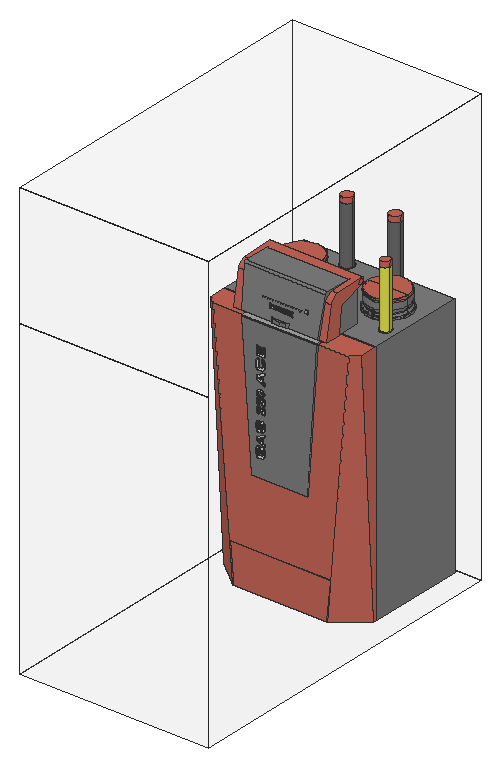
Revit family "Gas Ace 220_250_LOD-5", category Mechanical Equipment, Revit 2015
Parameters (values of type "250")
  Weekly = "0"
  Water Treatment Required = yes
  Water Content = 33.0 L
  Warranty ID = ""
  Voltage = 230 V
  Uniclass2015 = "Pr_60_60_08"
  URL = ""
  Type = "Space heating"
  Turndown Ratio = "4.8:1"
  Supply Phase = 1
  Starting Current = 0 A
  Sound Pressure Level = "63.8 dBA"
  Shipping Weight = 275.00 kg
  Shape = "Rectangular (Vertical)"
  Safety Valve Connection Type = "Unset"
  Safety Valve Connection Size = 0.00 mm
  Responsible Sourcing of Materials = "N/A"
  Responsible Extraction of Materials = "N/A"
  Reference Standard = "GAD 2009/142/EC BED 92/42/EEC EMC 2014/35/EU LVD 2014/35/EU ErP 2009/125/EY"
  Rated Output = 243300 W
  Rated Criteria = "80/60"
  Quarterly = "0"
  Product Range = "Gas 220 -250"
  Product Model Number = "Not Available"
  Product Literature = "https://www.remeha.co.uk/-/media/Themes/RemehaUK/Documents/Current/Specification-guides/gas-220-ace-specification-guide.pdf"
  Primary Fuel = "Gas - NG"
  Overall Width = 800.00 mm
  Overall Length = 657.00 mm
  Overall Height = 1662.00 mm
  Optional Fuel = "Gas - LPG"
  Operation and Maintenance Manual = "https://www.remeha.co.uk/en/Products/Floor-Standing-Range/Gas-220-Ace"
  Oil Consumption rate = 0
  Nominal Oil Inlet Pressure = 0.000 bar
  Nominal Gas Inlet Pressure = 0.020 bar
  NOx Emissions = "38 mg/kWh"
  Mounting = "Floor Standing"
  Monthly = "0"
  Model = ""
  Minimum Power Consumption = 11 W
  Minimum Operating Pressure = 0.800 bar
  Minimum Oil Inlet Pressure = 0.000 bar
  Minimum Gas Inlet Pressure = 0.017 bar
  Minimum Flow Rate at 20C temperature differential = 2.91 L/s
  Minimum Flow Rate at 11C temperature differential = 0.0 L/s
  Maximum Power Consumption = 323 W
  Maximum Operating Pressure = 5.000 bar
  Maximum Oil Inlet Pressure = 0.000 bar
  Maximum Gas Inlet Pressure = 0.025 bar
  Material Ingredient Reporting = "N/A"
  Manufacturer Website = "https://www.remeha.co.uk/"
  Manufacturer = "Remeha Commercial"
  Maintenance Required 8001 to 12000hrs = "0"
  Maintenance Required 601 to 1000hrs = "0"
  Maintenance Required 4001 to 8000hrs = "0"
  Maintenance Required 301 to 600hrs = "0"
  Maintenance Required 2001 to 4000hrs = "0"
  Maintenance Required 1001 to 2000hrs = "0"
  Maintenance Required 0 to 300hrs = "0"
  Location of Manufacturer = "N/A"
  Life Cycle Analysis = "N/A"
  Interlocks = yes
  IfcExportType = "NOTDEFINED"  # constant formula
  IfcExportAs = "IfcBoilerType"  # constant formula
  IP Rating = "IPX1B"
  IK Rating = "0"
  Hydraulic Resistance at 20C temperature differential = 0.150 bar
  Hydraulic Resistance at 11C temperature differential = 0.000 bar
  Heater Operation = "Condensing"
  Heat Exchanger Material = "Aluminium"
  Gross Weight = 278.00 kg
  Green Guide for Specification = "N/A"
  Gas Consumption rate = "26.5 m3/h"
  Fuse Rating = 6.3 A
  Full Load Current = 0 A
  Fuel Connection Type = "Threaded"
  Fuel Connection Size = 38.10 mm
  Frequency = 50 Hz
  Flue or Air Intake Classification = "B23p,B33, C33, C43, C53, C63, C83, C89"
  Flue Connection size = 200.00 mm
  Flow and Return Connection Type = "Threaded"
  Flow and Return Connection Size = 50.80 mm
  Finish = "High Polish Gardner 60 GRAD 91EH"
  Features = "Remeha's Gas 220 Ace  is a compact high efficiency floor standing condensing boiler. The compact design make this boiler ideally suited to modular arrangements"
  External Material = "Steel"
  Expected Life = "15"
  ErP Seasonal Efficiency = "0 %"
  ErP Rated Efficiency at Part Load = "97.5 %"
  ErP Rated Efficiency at Full Load = "87.7 %"
  ErP Energy Label = "0"
  Environmental Product Declaration = "N/A"
  Energy Technology List = "0"
  Embodied Carbon = "N/A"
  Drain Connection Type = "Threaded"
  Drain Connection Size = 19.05 mm
  Description = ""
  Daily = "0"
  Control Type = "0 - 10V, Open Therm, Volt free enable, Direct boiler weather compensating control systems available from Remeha as optional extra's."
  Configuration = "Single boiler"
  Condensate Drain Type = "Plain"
  Condensate Drain Size = 40.00 mm
  Colour = "RAL 2002 RAL 7016 Dark Grey"
  Clearance Box Visibility [instance] = yes
  Classification.Uniclass.Pr.Number [instance] = "Pr_60_60_08_34"
  Classification.Uniclass.Pr.Description [instance] = "Gas fired Condensing Boilers"
  CE Mark = "0063CQ3781"
  Burner Control Type = "Modulating"
  Building Regulations Seasonal Efficiency = "95.64 %"
  Bespoke Timeframe = "0"
  BMS Links = yes
  Annually = "0"
  Air Inlet Connection Size = 200.00 mm
  Additional Technical Details = "https://www.remeha.co.uk/-/media/Themes/RemehaUK/Documents/Current/Technical-sheets/gas-220-ace-160-300-kw-technical-sheet.pdf"
  Access Clearance Top = 650.00 mm
  Access Clearance Right = 100.00 mm
  Access Clearance Rear = 50.00 mm
  Access Clearance Left = 100.00 mm
  Access Clearance Front = 1100.00 mm
  Access Clearance Bottom = 0.00 mm
  6 Monthly = "0"
Reference planes
  plane 1 "Center (Front/Back)": y = 0
  plane 2: z = 0
  plane 3 "Center (Left/Right)": x = 0
  plane 4: y = -657
  plane 5: x = -400
  plane 6: x = 400
  plane 7: z = 1329
  plane 8: z = 1662
  plane 9: z = 29
  plane 10: y = -231
  plane 11: y = -383
  plane 12: x = 229
  plane 13: x = -229
  plane 14: x = -329
  plane 15: y = -331.3
  plane 16: x = 329
  plane 17: y = -331.3
  plane 18: x = 338
  plane 19: x = 128
  plane 20: x = -128
  plane 21: x = -338
  plane 22: y = -56
  plane 23: z = 1637
  plane 24: z = 1330
  plane 25: z = 1582.574
  plane 26: y = -419.302
  plane 27: x = -246.5
  plane 28: x = 246.5
  plane 29: x = -216.5
  plane 30: x = 216.5
  plane 31: z = 1352.534
  plane 32: z = 991.968
  plane 33: x = -101.602
  plane 34: x = -247.5
  plane 35: z = 55
  plane 36: z = 55
  plane 37: x = -129
  plane 38: x = 129
  plane 39: x = -309.433
  plane 40: z = 84
  plane 41 "Drain": x = -280
  plane 42: y = 50
Forms (mm)
  Extrusion 1, solid, material "Color RGB 190-040-018"
    sketch origin (0, 0, 0) x (1, 0, 0) y (0, 0, 1)
      loop
        line (-400, 1329) -> (-400, 29) -> (400, 29) -> (400, 1329) -> (-400, 1329)
    from 526.39 to 657
  Blend 2, void
    base sketch origin (0, 0, 0) x (1, 0, 0) y (0, 1, 0)
      loop
        line (-400, -657) -> (-250, -657) -> (-400, -535.532) -> (-400, -657)
    top sketch origin (0, 0, 0) x (1, 0, 0) y (0, 1, 0)
      loop
        line (-400, -657) -> (-360, -657) -> (-400, -617) -> (-400, -657)
    from 29 to 1329
  Blend 3, void
    base sketch origin (0, 0, 0) x (-1, 0, 0) y (0, -1, 0)
      loop
        line (-400, 657) -> (-400, 535.532) -> (-250, 657) -> (-400, 657)
    top sketch origin (0, 0, 0) x (-1, 0, 0) y (0, -1, 0)
      loop
        line (-400, 657) -> (-400, 617) -> (-360, 657) -> (-400, 657)
    from 29 to 1329
  Extrusion 4, void
    sketch origin (0, 0, 0) x (1, 0, 0) y (0, 0, 1)
      loop
        line (-267.325, 233.746) -> (-250.014, 29.169) -> (-248.007, 29.169) -> (-265.148, 231.746) -> (265.148, 231.746) -> (247.993, 29) -> (250, 29) -> (267.325, 233.746) -> (-267.325, 233.746)
    from 634.523 to 657
  Extrusion 5, solid, material "Color RGB 080-080-080"
    sketch origin (0, 0, 0) x (1, 0, 0) y (0, 1, 0)
      loop
        line (-400, 0) -> (-400, -526.39) -> (400, -526.39) -> (400, 0) -> (-400, 0)
    from 200.499 to 1329
  Extrusion 6, solid, material "Color RGB 080-080-080"
    sketch origin (0, 0, 0) x (1, 0, 0) y (0, 0, 1)
      loop
        line (198.921, 1329) -> (0, 1329) -> (-198.921, 1329) -> (-147.301, 590.803) -> (147.301, 590.803) -> (198.921, 1329)
      loop
        arc (-93.982, 684.046) -> (-85.29, 687.232) -> (-80.717, 695.281) r 13.448
        line (-80.717, 695.281) -> (-80.115, 698.888) -> (-80, 702.988) -> (-80, 728.206)
        arc (-80, 728.206) -> (-83.13, 735.762) -> (-90.686, 738.892) r 10.686
        line (-90.686, 738.892) -> (-94.011, 738.892) -> (-104.813, 738.892) -> (-104.813, 709.936) -> (-96.035, 709.936) -> (-96.035, 725.984)
        arc (-96.035, 725.984) -> (-91.935, 724.658) -> (-90.181, 720.722) r 5.292
        line (-90.181, 720.722) -> (-90.181, 703.318)
        arc (-90.181, 703.318) -> (-91.955, 699.033) -> (-96.24, 697.258) r 6.059
        line (-96.24, 697.258) -> (-107.064, 697.258)
        arc (-107.064, 697.258) -> (-111.348, 699.033) -> (-113.123, 703.318) r 6.059
        line (-113.123, 703.318) -> (-113.123, 723.353)
        arc (-113.123, 723.353) -> (-111.339, 725.862) -> (-108.384, 724.999) r 2.655
        line (-108.384, 724.999) -> (-108.384, 738.658) -> (-112.644, 738.658)
        arc (-112.644, 738.658) -> (-120.184, 735.535) -> (-123.308, 727.994) r 10.664
        line (-123.308, 727.994) -> (-123.308, 702.694) -> (-123.034, 696.854)
        arc (-123.034, 696.854) -> (-118.872, 687.729) -> (-109.561, 684) r 13.487
        line (-109.561, 684) -> (-93.982, 684.046)
      loop
        line (-80.468, 742.529) -> (-80.468, 756.952) -> (-87.959, 760.736) -> (-87.959, 786.898) -> (-80.467, 790.911) -> (-80.467, 805.276) -> (-122.84, 782.129) -> (-122.84, 765.321) -> (-80.468, 742.529)
      loop
        line (-97.087, 782.07) -> (-113.006, 773.698) -> (-97.087, 765.559) -> (-97.087, 782.07)
      loop
        line (-94.335, 821.996) -> (-94.335, 809.423)
        arc (-94.335, 809.423) -> (-90.484, 808.619) -> (-86.694, 809.672) r 8.335
        line (-86.694, 809.672) -> (-83.423, 811.497) -> (-81.369, 814.676) -> (-80.304, 819.321) -> (-79.999, 825.545) -> (-79.999, 841.184) -> (-80.285, 849.955)
        arc (-80.285, 849.955) -> (-93.422, 863.092) -> (-106.559, 849.955) r 13.137
        line (-106.559, 849.955) -> (-106.8, 837.459) -> (-106.813, 830.544) -> (-107.046, 825.766)
        arc (-107.046, 825.766) -> (-110.321, 822.155) -> (-113.824, 825.546) r 3.393
        line (-113.824, 825.546) -> (-113.824, 843.718)
        arc (-113.824, 843.718) -> (-112.498, 846.623) -> (-109.435, 847.527) r 3.848
        line (-109.435, 847.527) -> (-109.435, 860.166)
        arc (-109.435, 860.166) -> (-112.188, 860.623) -> (-114.94, 860.166) r 8.532
        line (-114.94, 860.166) -> (-118.403, 858.986) -> (-121.04, 856.31) -> (-122.718, 851.557) -> (-123.307, 844.149) -> (-123.307, 826.126) -> (-122.632, 818.108)
        arc (-122.632, 818.108) -> (-110.144, 808.063) -> (-97.656, 818.108) r 12.785
        line (-97.656, 818.108) -> (-96.97, 830.778) -> (-96.916, 839.051) -> (-96.652, 844.348)
        arc (-96.652, 844.348) -> (-93.065, 847.935) -> (-89.479, 844.348) r 3.587
        line (-89.479, 844.348) -> (-89.479, 827.579)
        arc (-89.479, 827.579) -> (-90.863, 823.879) -> (-94.335, 821.996) r 5.637
      loop
        line (-80.467, 894.562) -> (-80.467, 928.774) -> (-90.101, 928.774) -> (-90.101, 911.338) -> (-95.872, 918.465) -> (-102.827, 925.924)
        arc (-102.827, 925.924) -> (-113.845, 928.876) -> (-121.328, 920.268) r 10.762
        arc (-121.328, 920.268) -> (-121.467, 910.072) -> (-118.715, 900.253) r 35.665
        arc (-118.715, 900.253) -> (-117.686, 898.792) -> (-116.174, 897.837) r 4.57
        line (-116.174, 897.837) -> (-109.842, 895.405) -> (-109.842, 907.63)
        arc (-109.842, 907.63) -> (-114.48, 914.715) -> (-106.118, 916.051) r 5.045
        line (-106.118, 916.051) -> (-90.101, 898.262) -> (-80.467, 894.562)
      loop
        line (-109.842, 936.604) -> (-109.842, 948.83)
        arc (-109.842, 948.83) -> (-114.48, 955.915) -> (-106.118, 957.25) r 5.045
        line (-106.118, 957.25) -> (-90.101, 939.461) -> (-80.467, 935.761) -> (-80.467, 969.974) -> (-90.101, 969.974) -> (-90.101, 952.537) -> (-95.872, 959.664) -> (-102.827, 967.123)
        arc (-102.827, 967.123) -> (-113.845, 970.075) -> (-121.328, 961.467) r 10.762
        arc (-121.328, 961.467) -> (-121.467, 951.271) -> (-118.715, 941.452) r 35.665
        arc (-118.715, 941.452) -> (-117.686, 939.991) -> (-116.174, 939.036) r 4.57
        line (-116.174, 939.036) -> (-109.842, 936.604)
      loop
        spline (-123.206, 991.968) -> (-122.47, 987.662) -> (-120.312, 983.65) -> (-116.879, 980.204) -> (-112.404, 977.56) -> (-107.194, 975.898) -> (-101.602, 975.332) -> (-96.011, 975.898) -> (-90.8, 977.56) -> (-86.326, 980.204) -> (-82.892, 983.65) -> (-80.734, 987.662) -> (-79.998, 991.968)
        spline (-79.998, 991.968) -> (-80.734, 996.274) -> (-82.892, 1000.287) -> (-86.326, 1003.732) -> (-90.8, 1006.376) -> (-96.011, 1008.038) -> (-101.602, 1008.605) -> (-107.194, 1008.038) -> (-112.404, 1006.376) -> (-116.879, 1003.732) -> (-120.312, 1000.287) -> (-122.47, 996.274) -> (-123.206, 991.968)
      loop
        line (-122.84, 1057.204) -> (-80.468, 1034.412) -> (-80.468, 1048.836) -> (-87.959, 1052.619) -> (-87.959, 1078.781) -> (-80.467, 1082.794) -> (-80.467, 1097.159) -> (-122.84, 1074.012) -> (-122.84, 1057.204)
      loop
        line (-97.087, 1073.954) -> (-113.006, 1065.581) -> (-97.087, 1057.442) -> (-97.087, 1073.954)
      loop
        line (-90.88, 1138.913) -> (-90.88, 1121.46)
        arc (-90.88, 1121.46) -> (-92.655, 1117.175) -> (-96.939, 1115.401) r 6.059
        line (-96.939, 1115.401) -> (-106.36, 1115.401)
        arc (-106.36, 1115.401) -> (-110.645, 1117.175) -> (-112.419, 1121.46) r 6.059
        line (-112.419, 1121.46) -> (-112.419, 1138.573)
        arc (-112.419, 1138.573) -> (-110.945, 1142.131) -> (-107.387, 1143.605) r 5.032
        line (-107.387, 1143.605) -> (-107.387, 1156.379) -> (-111.187, 1156.379)
        arc (-111.187, 1156.379) -> (-119.756, 1152.83) -> (-123.306, 1144.261) r 12.118
        line (-123.306, 1144.261) -> (-123.306, 1114.265)
        arc (-123.306, 1114.265) -> (-119.757, 1105.696) -> (-111.187, 1102.146) r 12.118
        line (-111.187, 1102.146) -> (-92.116, 1102.146)
        arc (-92.116, 1102.146) -> (-83.547, 1105.696) -> (-79.998, 1114.265) r 12.118
        line (-79.998, 1114.265) -> (-79.998, 1144.92)
        arc (-79.998, 1144.92) -> (-83.547, 1153.489) -> (-92.116, 1157.038) r 12.118
        line (-92.116, 1157.038) -> (-96.735, 1157.038) -> (-96.735, 1144.26)
        arc (-96.735, 1144.26) -> (-92.629, 1142.878) -> (-90.88, 1138.913) r 5.369
      loop
        line (-80.466, 1168.716) -> (-80.466, 1215.523) -> (-90.646, 1215.523) -> (-90.647, 1181.624) -> (-97.313, 1181.624) -> (-97.313, 1213.022) -> (-106.214, 1213.022) -> (-106.214, 1181.624) -> (-113.004, 1181.624) -> (-113.004, 1214.617) -> (-122.838, 1214.617) -> (-122.838, 1168.716) -> (-80.466, 1168.716)
      loop
        spline (-115.232, 991.968) -> (-114.767, 990.266) -> (-113.406, 988.68) -> (-111.24, 987.318) -> (-108.417, 986.273) -> (-105.13, 985.616) -> (-101.602, 985.392) -> (-98.074, 985.616) -> (-94.787, 986.273) -> (-91.964, 987.318) -> (-89.798, 988.68) -> (-88.437, 990.266) -> (-87.972, 991.968)
        spline (-87.972, 991.968) -> (-88.437, 993.67) -> (-89.798, 995.257) -> (-91.964, 996.619) -> (-94.787, 997.664) -> (-98.074, 998.321) -> (-101.602, 998.545) -> (-105.13, 998.321) -> (-108.417, 997.664) -> (-111.24, 996.619) -> (-113.406, 995.257) -> (-114.767, 993.67) -> (-115.232, 991.968)
    from 657 to 662.984
  Extrusion 7, solid, material "Color RGB 045-045-045"
    sketch origin (0, 0, 1.875) x (1, 0, 0) y (0, 0, 1)
      loop
        circle (-335.233, 53.125) r 55
      loop
        circle (335.233, 53.125) r 55
    from 17.956 to 37.042
  Extrusion 8, solid, material "Color RGB 045-045-045"
    sketch origin (0, -477.306, 2.5) x (1, 0, 0) y (0, 0, 1)
      loop
        circle (-335.233, 52.5) r 55
      loop
        circle (335.233, 52.5) r 55
    from 17.956 to 37.042
  Extrusion 9, solid, material "Color RGB 080-080-080"
    sketch origin (206, 0, 253.323) x (1, 0, 0) y (0, 0, 1)
      loop
        circle (-435, 1100.199) r 10
    from 339.191 to 346.3
  Revolve 10, solid, material "Color RGB 080-080-080"
    sketch origin (-859.279, -231, 1200) x (-1, 0, 0) y (0, 0, 1)
      loop
        line (-516.139, 129) -> (-516.139, 137)
        arc (-516.139, 137) -> (-516.725, 138.414) -> (-518.139, 139) r 2
        line (-518.139, 139) -> (-520.639, 139)
        arc (-520.639, 139) -> (-520.992, 139.146) -> (-521.139, 139.5) r 0.5
        line (-521.139, 139.5) -> (-528.152, 151.647) -> (-528.152, 156.647) -> (-524.831, 173.167) -> (-524.831, 218.392) -> (-530.279, 218.392) -> (-530.279, 129) -> (-516.139, 129)
      axis (-630.279, 129) -> (-630.279, 218.392)
    angle from 0 to 360
  Extrusion 11, solid, material "Color RGB 080-080-080"
    sketch origin (206, -125, 1328.323) x (0, 0, 1) y (-1, 0, 0)
      loop
        circle (25.199, 435) r 10
      loop
        circle (25.199, 435) r 12
    from 214.191 to 206.3
  Revolve 12, solid, material "Color RGB 080-080-080"
    sketch origin (859.279, -231, 1200) x (1, 0, 0) y (0, 0, -1)
      loop
        line (-516.139, -129) -> (-530.279, -129) -> (-530.279, -218.392) -> (-524.831, -218.392) -> (-524.831, -173.167) -> (-528.152, -156.647) -> (-528.152, -151.647) -> (-521.139, -139.5)
        arc (-521.139, -139.5) -> (-520.992, -139.146) -> (-520.639, -139) r 0.5
        line (-520.639, -139) -> (-518.139, -139)
        arc (-518.139, -139) -> (-516.725, -138.414) -> (-516.139, -137) r 2
        line (-516.139, -137) -> (-516.139, -129)
      axis (-630.279, -129) -> (-630.279, -218.392)
    angle from 0 to 360
  Extrusion 13, solid, material "Color RGB 080-080-080"
    sketch origin (-206, 0, 253.323) x (-1, 0, 0) y (0, 0, -1)
      loop
        circle (-435, -1100.199) r 10
    from 339.191 to 346.3
  Extrusion 14, solid, material "Color RGB 080-080-080"
    sketch origin (-206, -125, 1328.323) x (0, 0, 1) y (-1, 0, 0)
      loop
        circle (25.199, -435) r 10
      loop
        circle (25.199, -435) r 12
    from 214.191 to 206.3
  Extrusion 15, solid, material "Color RGB 045-045-045"
    sketch origin (0, 0, 0) x (1, 0, 0) y (0, 1, 0)
      loop
        circle (128, -56) r 30.15
      loop
        circle (-128, -56) r 30.15
    from 1330 to 1637
  Extrusion 16, solid, material "Color RGB 190-040-018", detail levels fine
    sketch origin (0, 0, 0) x (1, 0, 0) y (0, 1, 0)
      loop
        circle (-128, -56) r 30.15
      loop
        circle (128, -56) r 30.15
    from 1637 to 1662
  Extrusion 17, solid, material "Color RGB 235-235-000"
    sketch origin (0, 0, 0) x (1, 0, 0) y (0, 1, 0)
      loop
        circle (338, -383) r 24.15
    from 1330 to 1637
  Extrusion 18, solid, material "Color RGB 190-040-018"
    sketch origin (0, 0, 0) x (1, 0, 0) y (0, 1, 0)
      loop
        circle (338, -383) r 24.15
    from 1637 to 1662
  Revolve 19, solid, material "Color RGB 190-040-018"
    sketch origin (-859.279, -231, 1200) x (-1, 0, 0) y (0, 0, 1)
      loop
        line (-630.279, 224) -> (-734.758, 224) -> (-735.947, 222.811) -> (-735.947, 212.317) -> (-737.327, 212.317) -> (-737.327, 210.921) -> (-630.279, 210.921) -> (-630.279, 224)
      axis (-630.279, 224) -> (-630.279, 210.921)
    angle from 0 to 360
  Extrusion 20, solid, material "Color RGB 080-080-080"
    sketch origin (0, 0, 0) x (0, 1, 0) y (0, 0, 1)
      loop
        line (-419.302, 1329) -> (-419.302, 1535.857) -> (-554.708, 1491.861)
        arc (-554.708, 1491.861) -> (-561.232, 1486.989) -> (-564.25, 1479.426) r 15
        line (-564.25, 1479.426) -> (-580.06, 1329) -> (-419.302, 1329)
    from -216.5 to 216.5
  Extrusion 21, solid, material "Color RGB 190-040-018"
    sketch origin (0, 0, 0) x (0, 1, 0) y (0, 0, 1)
      loop
        line (-419.302, 1564) -> (-582.762, 1558.292)
        arc (-582.762, 1558.292) -> (-610.714, 1547.281) -> (-625.508, 1521.133) r 45
        line (-625.508, 1521.133) -> (-655.237, 1352.534) -> (-577.587, 1352.534) -> (-564.25, 1479.426)
        arc (-564.25, 1479.426) -> (-561.232, 1486.989) -> (-554.708, 1491.861) r 15
        line (-554.708, 1491.861) -> (-419.302, 1535.857) -> (-419.302, 1564)
    from -246.5 to 246.5
  Extrusion 22, solid, material "Color RGB 080-080-080"
    sketch origin (0, 0, 0) x (0, 1, 0) y (0, 0, 1)
      loop
        line (-469.298, 1562.254) -> (-614.529, 1566.15)
        arc (-614.529, 1566.15) -> (-621.245, 1563.858) -> (-624.835, 1557.735) r 10.188
        line (-624.835, 1557.735) -> (-661.018, 1352.534) -> (-655.237, 1352.534) -> (-625.508, 1521.133)
        arc (-625.508, 1521.133) -> (-610.714, 1547.281) -> (-582.762, 1558.292) r 45
        line (-582.762, 1558.292) -> (-469.298, 1562.254)
    from -249 to 250
  Extrusion 23, void
    sketch origin (0, 0, 0) x (1, 0, 0) y (0, 0, 1)
      loop
        line (215.787, 1570.194) -> (198.921, 1329) -> (273.958, 1329) -> (273.958, 1570.194) -> (215.787, 1570.194)
      loop
        line (-215.787, 1570.194) -> (-273.958, 1570.194) -> (-273.958, 1329) -> (-198.921, 1329) -> (-215.787, 1570.194)
    from 419.302 to 676.602
  Extrusion 24, void
    sketch origin (0, 0, -25) x (1, 0, 0) y (0, 0, 1)
      loop
        line (-102.145, 1475.281) -> (-102.145, 1470.281) -> (102.145, 1470.281) -> (102.145, 1475.281) -> (-102.145, 1475.281)
    from 644.188 to 677.689
  Extrusion 25, solid, material "Color RGB 080-080-080"
    sketch origin (0, 0.625, 0) x (1, 0, 0) y (0, 1, 0)
      loop
        line (0, -657.625) -> (-45.359, -657.625) -> (-36.015, -666.969)
        arc (-36.015, -666.969) -> (-35.366, -667.402) -> (-34.601, -667.555) r 2
        line (-34.601, -667.555) -> (0, -667.555) -> (34.601, -667.555)
        arc (34.601, -667.555) -> (35.366, -667.402) -> (36.015, -666.969) r 2
        line (36.015, -666.969) -> (45.359, -657.625) -> (0, -657.625)
    from 1373.167 to 1352.534
  Extrusion 26, solid, material "Color RGB 235-235-235"
    sketch origin (-44.085, -9.833, 1305.622) x (1, 0, 0) y (0, 0.156434, 0.987688)
      loop
        line (-15.915, 23.933) -> (-15.915, 21.574) -> (100.023, 21.574) -> (100.023, 23.933) -> (-15.915, 23.933)
      loop
        line (-15.915, 2.368) -> (-15.915, 0) -> (100.023, 0) -> (100.023, 2.368) -> (-15.915, 2.368)
      loop
        line (-7.55, 16.548) -> (-7.55, 7.385) -> (0.456, 7.385) -> (0.456, 16.548) -> (-7.55, 16.548)
      loop
        line (-10.633, 19.602) -> (-10.633, 4.34) -> (3.539, 4.34) -> (3.539, 10.445) -> (6.606, 10.445)
        arc (6.606, 10.445) -> (8.137, 9.954) -> (9.096, 8.664) r 2.632
        line (9.096, 8.664) -> (10.573, 4.34) -> (14.226, 4.331) -> (12.014, 9.646)
        arc (12.014, 9.646) -> (11.484, 10.708) -> (10.812, 11.686) r 8.599
        arc (10.812, 11.686) -> (13.696, 16.127) -> (9.7, 19.602) r 4.036
        line (9.7, 19.602) -> (-10.633, 19.602)
      loop
        line (3.539, 16.548) -> (3.539, 13.489) -> (8.986, 13.489)
        arc (8.986, 13.489) -> (10.516, 15.019) -> (8.986, 16.548) r 1.529
        line (8.986, 16.548) -> (3.539, 16.548)
      loop
        line (24.358, 15.212) -> (24.358, 4.335) -> (27.412, 4.335) -> (27.412, 9.994)
        arc (27.412, 9.994) -> (28.404, 12.196) -> (30.711, 12.913) r 2.94
        line (30.711, 12.913) -> (30.711, 15.47)
        arc (30.711, 15.47) -> (28.818, 15.212) -> (27.282, 14.076) r 3.85
        line (27.282, 14.076) -> (27.282, 15.212) -> (24.358, 15.212)
      loop
        arc (39.556, 11.064) -> (37.154, 12.927) -> (34.752, 11.064) r 2.48
        line (34.752, 11.064) -> (39.556, 11.064)
      loop
        line (34.639, 9.003) -> (42.683, 9.003)
        arc (42.683, 9.003) -> (37.246, 15.375) -> (31.809, 9.003) r 5.506
        arc (31.809, 9.003) -> (36.775, 4.075) -> (42.683, 7.823) r 5.609
        line (42.683, 7.823) -> (39.475, 7.823)
        arc (39.475, 7.823) -> (36.614, 6.602) -> (34.639, 9.003) r 2.594
      loop
        line (44.304, 4.337) -> (47.307, 4.337) -> (47.307, 10.965)
        arc (47.307, 10.965) -> (49.045, 12.703) -> (50.783, 10.965) r 1.738
        line (50.783, 10.965) -> (50.783, 4.324) -> (53.824, 4.324) -> (53.824, 10.85)
        arc (53.824, 10.85) -> (55.606, 12.632) -> (57.388, 10.85) r 1.782
        line (57.388, 10.85) -> (57.388, 4.324) -> (60.429, 4.324) -> (60.429, 11.851)
        arc (60.429, 11.851) -> (57.692, 15.455) -> (53.486, 13.787) r 3.741
        arc (53.486, 13.787) -> (50.43, 15.415) -> (47.177, 14.228) r 4.249
        line (47.177, 14.228) -> (47.177, 15.214) -> (44.304, 15.214) -> (44.304, 4.337)
      loop
        arc (69.683, 11.064) -> (67.281, 12.927) -> (64.88, 11.064) r 2.48
        line (64.88, 11.064) -> (69.683, 11.064)
      loop
        line (64.766, 9.003) -> (72.81, 9.003)
        arc (72.81, 9.003) -> (67.373, 15.375) -> (61.936, 9.003) r 5.506
        arc (61.936, 9.003) -> (66.902, 4.075) -> (72.81, 7.823) r 5.609
        line (72.81, 7.823) -> (69.602, 7.823)
        arc (69.602, 7.823) -> (66.742, 6.602) -> (64.766, 9.003) r 2.594
      loop
        line (74.422, 4.337) -> (77.462, 4.337) -> (77.462, 10.464)
        arc (77.462, 10.464) -> (79.208, 12.386) -> (81.287, 10.832) r 1.93
        line (81.287, 10.832) -> (81.287, 4.337) -> (84.328, 4.337) -> (84.328, 11.653)
        arc (84.328, 11.653) -> (81.802, 15.331) -> (77.462, 14.296) r 3.942
        line (77.462, 14.296) -> (77.462, 19.383) -> (74.422, 19.383) -> (74.422, 4.337)
      loop
        arc (95.784, 12.354) -> (95.16, 13.909) -> (93.822, 14.918) r 3.124
        arc (93.822, 14.918) -> (92.796, 15.2) -> (91.745, 15.359) r 9.034
        arc (91.745, 15.359) -> (90.692, 15.424) -> (89.639, 15.359) r 8.608
        arc (89.639, 15.359) -> (88.55, 15.088) -> (87.559, 14.561) r 4.613
        arc (87.559, 14.561) -> (87.064, 14.061) -> (86.663, 13.482) r 4.017
        arc (86.663, 13.482) -> (86.273, 12.61) -> (86.012, 11.691) r 6.705
        line (86.012, 11.691) -> (88.975, 11.7)
        arc (88.975, 11.7) -> (89.323, 12.453) -> (90.004, 12.927) r 1.58
        arc (90.004, 12.927) -> (90.999, 13.122) -> (92.008, 13.022) r 3.46
        arc (92.008, 13.022) -> (92.743, 12.024) -> (91.907, 11.11) r 0.975
        line (91.907, 11.11) -> (89.009, 10.699)
        arc (89.009, 10.699) -> (86.71, 9.449) -> (85.792, 6.999) r 3.742
        arc (85.792, 6.999) -> (86.094, 5.779) -> (86.932, 4.842) r 2.605
        arc (86.932, 4.842) -> (89.985, 4.17) -> (92.914, 5.26) r 5.532
        line (92.914, 5.26) -> (93.178, 4.346) -> (96.197, 4.346) -> (95.784, 6.47) -> (95.784, 12.354)
      loop
        line (92.845, 9.629) -> (89.315, 8.609)
        arc (89.315, 8.609) -> (88.866, 7.99) -> (88.785, 7.229) r 1.489
        arc (88.785, 7.229) -> (89.225, 6.447) -> (90.072, 6.149) r 1.274
        arc (90.072, 6.149) -> (90.865, 6.342) -> (91.638, 6.602) r 9.564
        arc (91.638, 6.602) -> (92.433, 7.212) -> (92.768, 8.157) r 1.764
        line (92.768, 8.157) -> (92.845, 9.629)
    from 644.727 to 648.528
  Extrusion 27, solid, material "Color RGB 235-235-235"
    sketch origin (140.559, 4.633, 757.153) x (0, 0, 1) y (-1, 0, 0)
      loop
        arc (-73.153, 234.541) -> (-69.921, 225.849) -> (-61.872, 221.276) r 13.448
        line (-61.872, 221.276) -> (-58.265, 220.674) -> (-54.165, 220.559) -> (-28.947, 220.559)
        arc (-28.947, 220.559) -> (-21.391, 223.689) -> (-18.261, 231.245) r 10.686
        line (-18.261, 231.245) -> (-18.261, 234.57) -> (-18.261, 245.372) -> (-47.216, 245.372) -> (-47.216, 236.595) -> (-31.169, 236.594)
        arc (-31.169, 236.594) -> (-32.495, 232.494) -> (-36.431, 230.74) r 5.292
        line (-36.431, 230.74) -> (-53.835, 230.74)
        arc (-53.835, 230.74) -> (-58.12, 232.515) -> (-59.894, 236.799) r 6.059
        line (-59.894, 236.799) -> (-59.894, 247.623)
        arc (-59.894, 247.623) -> (-58.12, 251.907) -> (-53.835, 253.682) r 6.059
        line (-53.835, 253.682) -> (-33.8, 253.682)
        arc (-33.8, 253.682) -> (-31.291, 251.898) -> (-32.154, 248.943) r 2.655
        line (-32.154, 248.943) -> (-18.495, 248.943) -> (-18.495, 253.203)
        arc (-18.495, 253.203) -> (-21.618, 260.743) -> (-29.159, 263.867) r 10.664
        line (-29.159, 263.867) -> (-54.459, 263.867) -> (-60.299, 263.593)
        arc (-60.299, 263.593) -> (-69.424, 259.431) -> (-73.153, 250.12) r 13.487
        line (-73.153, 250.12) -> (-73.153, 234.541)
      loop
        line (-14.624, 221.027) -> (-0.2, 221.027) -> (3.583, 228.518) -> (29.745, 228.518) -> (33.758, 221.026) -> (48.123, 221.026) -> (24.976, 263.399) -> (8.168, 263.399) -> (-14.624, 221.027)
      loop
        line (24.918, 237.646) -> (16.545, 253.565) -> (8.406, 237.646) -> (24.918, 237.646)
      loop
        line (84.031, 220.559) -> (92.802, 220.844)
        arc (92.802, 220.844) -> (105.939, 233.981) -> (92.802, 247.118) r 13.137
        line (92.802, 247.118) -> (80.306, 247.359) -> (73.391, 247.372) -> (68.614, 247.605)
        arc (68.614, 247.605) -> (65.002, 250.88) -> (68.393, 254.383) r 3.393
        line (68.393, 254.383) -> (86.565, 254.383)
        arc (86.565, 254.383) -> (89.471, 253.057) -> (90.374, 249.994) r 3.848
        line (90.374, 249.994) -> (103.013, 249.994)
        arc (103.013, 249.994) -> (103.47, 252.747) -> (103.013, 255.499) r 8.532
        line (103.013, 255.499) -> (101.833, 258.962) -> (99.157, 261.599) -> (94.405, 263.278) -> (86.996, 263.866) -> (68.973, 263.866) -> (60.955, 263.191)
        arc (60.955, 263.191) -> (50.911, 250.703) -> (60.955, 238.215) r 12.785
        line (60.955, 238.215) -> (73.625, 237.529) -> (81.898, 237.475) -> (87.195, 237.211)
        arc (87.195, 237.211) -> (90.782, 233.624) -> (87.195, 230.038) r 3.587
        line (87.195, 230.038) -> (70.426, 230.038)
        arc (70.426, 230.038) -> (66.726, 231.422) -> (64.843, 234.894) r 5.637
        line (64.843, 234.894) -> (52.27, 234.894)
        arc (52.27, 234.894) -> (51.466, 231.043) -> (52.519, 227.253) r 8.335
        line (52.519, 227.253) -> (54.344, 223.983) -> (57.523, 221.929) -> (62.169, 220.863) -> (68.393, 220.559) -> (84.031, 220.559)
      loop
        line (411.563, 263.398) -> (411.563, 221.025) -> (458.37, 221.025) -> (458.37, 231.206) -> (424.471, 231.206) -> (424.471, 237.872) -> (455.869, 237.872) -> (455.869, 246.773) -> (424.471, 246.773) -> (424.471, 253.563) -> (457.464, 253.563) -> (457.464, 263.397) -> (411.563, 263.398)
      loop
        line (138.252, 250.401) -> (150.477, 250.401)
        arc (150.477, 250.401) -> (157.563, 255.04) -> (158.898, 246.677) r 5.045
        line (158.898, 246.677) -> (141.109, 230.66) -> (137.409, 221.026) -> (171.622, 221.026) -> (171.622, 230.66) -> (154.185, 230.66) -> (161.312, 236.431) -> (168.771, 243.386)
        arc (168.771, 243.386) -> (171.723, 254.404) -> (163.115, 261.887) r 10.762
        arc (163.115, 261.887) -> (152.919, 262.026) -> (143.1, 259.274) r 35.665
        arc (143.1, 259.274) -> (141.639, 258.245) -> (140.684, 256.733) r 4.57
        line (140.684, 256.733) -> (138.252, 250.401)
      loop
        line (179.451, 250.401) -> (191.677, 250.401)
        arc (191.677, 250.401) -> (198.762, 255.04) -> (200.097, 246.677) r 5.045
        line (200.097, 246.677) -> (182.308, 230.66) -> (178.608, 221.026) -> (212.821, 221.026) -> (212.821, 230.66) -> (195.384, 230.66) -> (202.511, 236.431) -> (209.97, 243.386)
        arc (209.97, 243.386) -> (212.922, 254.404) -> (204.314, 261.887) r 10.762
        arc (204.314, 261.887) -> (194.118, 262.026) -> (184.3, 259.274) r 35.665
        arc (184.3, 259.274) -> (182.838, 258.245) -> (181.883, 256.733) r 4.57
        line (181.883, 256.733) -> (179.451, 250.401)
      loop
        line (277.259, 221.027) -> (291.683, 221.027) -> (295.466, 228.518) -> (321.628, 228.518) -> (325.641, 221.026) -> (340.006, 221.026) -> (316.859, 263.399) -> (300.052, 263.399) -> (277.259, 221.027)
      loop
        line (316.801, 237.646) -> (308.428, 253.565) -> (300.289, 237.646) -> (316.801, 237.646)
      loop
        arc (357.112, 263.865) -> (348.543, 260.316) -> (344.993, 251.747) r 12.118
        line (344.993, 251.747) -> (344.993, 232.675)
        arc (344.993, 232.675) -> (348.543, 224.106) -> (357.112, 220.557) r 12.118
        line (357.112, 220.557) -> (387.767, 220.557)
        arc (387.767, 220.557) -> (396.336, 224.106) -> (399.885, 232.675) r 12.118
        line (399.885, 232.675) -> (399.885, 237.294) -> (387.107, 237.294)
        arc (387.107, 237.294) -> (385.725, 233.188) -> (381.761, 231.439) r 5.369
        line (381.761, 231.439) -> (364.307, 231.439)
        arc (364.307, 231.439) -> (360.022, 233.214) -> (358.248, 237.498) r 6.059
        line (358.248, 237.498) -> (358.248, 246.919)
        arc (358.248, 246.919) -> (360.023, 251.204) -> (364.307, 252.978) r 6.059
        line (364.307, 252.978) -> (381.42, 252.978)
        arc (381.42, 252.978) -> (384.978, 251.504) -> (386.452, 247.946) r 5.032
        line (386.452, 247.946) -> (399.226, 247.946) -> (399.226, 251.746)
        arc (399.226, 251.746) -> (395.677, 260.315) -> (387.108, 263.865) r 12.118
        line (387.108, 263.865) -> (357.112, 263.865)
      loop
        spline (234.815, 263.765) -> (230.509, 263.029) -> (226.497, 260.871) -> (223.051, 257.438) -> (220.408, 252.963) -> (218.746, 247.753) -> (218.179, 242.161) -> (218.746, 236.57) -> (220.408, 231.359) -> (223.051, 226.885) -> (226.497, 223.451) -> (230.509, 221.293) -> (234.815, 220.557)
        spline (234.815, 220.557) -> (239.121, 221.293) -> (243.134, 223.451) -> (246.579, 226.885) -> (249.223, 231.359) -> (250.885, 236.57) -> (251.452, 242.161) -> (250.885, 247.753) -> (249.223, 252.963) -> (246.579, 257.438) -> (243.134, 260.871) -> (239.121, 263.029) -> (234.815, 263.765)
      loop
        spline (234.815, 228.531) -> (236.518, 228.996) -> (238.104, 230.357) -> (239.466, 232.523) -> (240.511, 235.346) -> (241.168, 238.634) -> (241.392, 242.161) -> (241.168, 245.689) -> (240.511, 248.976) -> (239.466, 251.799) -> (238.104, 253.965) -> (236.518, 255.327) -> (234.815, 255.791)
        spline (234.815, 255.791) -> (233.113, 255.327) -> (231.527, 253.965) -> (230.165, 251.799) -> (229.12, 248.976) -> (228.463, 245.689) -> (228.239, 242.161) -> (228.463, 238.634) -> (229.12, 235.346) -> (230.165, 232.523) -> (231.527, 230.357) -> (233.113, 228.996) -> (234.815, 228.531)
    from 661.633 to 667.616
  Extrusion 28, void
    sketch origin (0, 0, 0) x (0, 1, 0) y (0, 0, 1)
      loop
        line (-644.475, 1432.316) -> (-648.535, 1432.316) -> (-653.164, 1406.064) -> (-648.164, 1406.064) -> (-644.475, 1432.316)
    from -63.024 to 60.504
  Extrusion 29, solid, material "Color RGB 190-040-018"
    sketch origin (0, 0, 0) x (0, 1, 0) y (0, 0, 1)
      loop
        circle (-434.79, 1547.079) r 11.549
    from -246.5 to -247.5
  Extrusion 30, solid, material "Color RGB 190-040-018"
    sketch origin (0, 0, 0) x (0, 1, 0) y (0, 0, -1)
      loop
        circle (-434.79, -1547.079) r 11.549
    from -246.5 to -247.5
  Extrusion 31, solid, material "Color RGB 080-080-080"
    sketch origin (0, 0, 0) x (1, 0, 0) y (0, 0, 1)
      loop
        line (-400, 200.499) -> (-400, 29) -> (-263.142, 29) -> (-263.142, 200.499) -> (-400, 200.499)
      loop
        line (400, 200.499) -> (263.142, 200.499) -> (263.142, 29) -> (400, 29) -> (400, 200.499)
    from 0 to 526.39
  Extrusion 32, void
    sketch origin (0, 0, 0) x (1, 0, 0) y (0, 1, 0)
      loop
        line (-394.57, -492.492) -> (-394.57, -517.492) -> (-276.735, -517.492) -> (-276.735, -492.492) -> (-394.57, -492.492)
      loop
        line (394.57, -492.492) -> (276.735, -492.492) -> (276.735, -517.492) -> (394.57, -517.492) -> (394.57, -492.492)
      loop
        line (-394.57, -15.565) -> (-394.57, -40.565) -> (-276.735, -40.565) -> (-276.735, -15.565) -> (-394.57, -15.565)
      loop
        line (394.57, -15.565) -> (276.735, -15.565) -> (276.735, -40.565) -> (394.57, -40.565) -> (394.57, -15.565)
    from 29 to 116.438
  Extrusion 33, solid, material "Color RGB 045-045-045"
    sketch origin (0, 0, -3.125) x (1, 0, 0) y (0, 0, 1)
      loop
        circle (-338, 60.173) r 20
      loop
        circle (338, 60.173) r 20
    from 15.565 to 40.565
  Extrusion 34, solid, material "Color RGB 045-045-045"
    sketch origin (0, 0, -3.125) x (1, 0, 0) y (0, 0, 1)
      loop
        circle (-338, 60.173) r 20
      loop
        circle (338, 60.173) r 20
    from 492.492 to 517.492
  Extrusion 35, solid, material "Color RGB 045-045-045"
    sketch origin (0, 0, 0) x (1, 0, 0) y (0, 1, 0)
      loop
        circle (-338, -383) r 35.15
      loop
        circle (-338, -383) r 30.15
    from 1329 to 1330
  Revolve 36, solid, material "Color RGB 190-040-018"
    sketch origin (859.279, -231, 1200) x (1, 0, 0) y (0, 0, -1)
      loop
        line (-630.279, -224) -> (-630.279, -210.921) -> (-737.327, -210.921) -> (-737.327, -212.317) -> (-735.947, -212.317) -> (-735.947, -222.811) -> (-734.758, -224) -> (-630.279, -224)
      axis (-630.279, -224) -> (-630.279, -210.921)
    angle from 0 to 360
  Extrusion 37, solid
    sketch origin (0, 0, 0) x (1, 0, 0) y (0, 0, 1)
      loop
        circle (335.233, 55) r 55
      loop
        circle (-335.233, 55) r 55
    from 495.262 to 514.348
  Extrusion 38, solid, material "Color RGB 080-080-080"
    sketch origin (0, 0, 0) x (1, 0, 0) y (0, 1, 0)
      loop
        line (198.921, -662.984) -> (198.921, -554.708) -> (-198.921, -554.708) -> (-198.921, -662.984) -> (198.921, -662.984)
    from 1329 to 1333.315
  Extrusion 39, solid
    sketch origin (0, 0, 0) x (1, 0, 0) y (0, 1, 0)
      loop
        circle (-128, -56) r 35.15
      loop
        circle (-128, -56) r 30.15
      loop
        circle (128, -56) r 35.15
      loop
        circle (128, -56) r 30.15
      loop
        circle (338, -383) r 29.15
      loop
        circle (338, -383) r 24.15
      loop
        circle (-338, -383) r 30.15
      loop
        circle (-338, -383) r 35.15
    from 1329 to 1330
  Extrusion 40, solid
    sketch origin (0, 0, 0) x (0, 1, 0) y (0, 0, 1)
      loop
        line (-564.25, 1479.426) -> (-580.06, 1329) -> (-419.302, 1329) -> (-419.302, 1535.857) -> (-554.708, 1491.861)
        arc (-554.708, 1491.861) -> (-561.232, 1486.989) -> (-564.25, 1479.426) r 15
    from -216.5 to 216.5
  Extrusion 41, solid
    sketch origin (0, 0, 0) x (0, 1, 0) y (0, 0, 1)
      loop
        line (-554.708, 1491.861) -> (-419.302, 1535.857) -> (-419.302, 1564) -> (-582.762, 1558.292)
        arc (-582.762, 1558.292) -> (-610.714, 1547.281) -> (-625.508, 1521.133) r 45
        line (-625.508, 1521.133) -> (-655.237, 1352.534) -> (-577.587, 1352.534) -> (-564.25, 1479.426)
        arc (-564.25, 1479.426) -> (-561.232, 1486.989) -> (-554.708, 1491.861) r 15
    from -246.5 to 246.5
  Extrusion 42, solid
    sketch origin (0, 0, 0) x (1, 0, 0) y (0, 1, 0)
      loop
        line (-198.921, -554.708) -> (-198.921, -662.984) -> (198.921, -662.984) -> (198.921, -554.708) -> (-198.921, -554.708)
    from 1329 to 1333.315
  Extrusion 43, solid
    sketch origin (0, 0, 0) x (1, 0, 0) y (0, 0, 1)
      loop
        circle (335.233, 55) r 55
      loop
        circle (-335.233, 55) r 55
    from 17.956 to 37.042
  Extrusion 44, solid
    sketch origin (0, 0, 0) x (0, 1, 0) y (0, 0, 1)
      loop
        line (-644.838, 1444.292) -> (-639.057, 1444.292) -> (-636.7, 1457.66) -> (-642.481, 1457.66) -> (-644.838, 1444.292)
    from 120.449 to 135.774
  Extrusion 45, solid
    sketch origin (0, 0, 0) x (1, 0, 0) y (0, 0, 1)
      loop
        circle (-280, 84) r 10
    from 0 to 7.025
  Extrusion 46, solid, material "Color RGB 000-000-255"
    sketch origin (0, 0, 0) x (1, 0, 0) y (0, 1, 0)
      loop
        circle (-128, -56) r 35.15
      loop
        circle (-128, -56) r 30.15
    from 1329 to 1330
  Extrusion 47, solid, material "Color RGB 235-235-000"
    sketch origin (0, 0, 0) x (1, 0, 0) y (0, 1, 0)
      loop
        circle (338, -383) r 29.15
      loop
        circle (338, -383) r 24.15
    from 1329 to 1330
  Extrusion 48, solid, material "Color RGB 190-040-018"
    sketch origin (0, 0, 0) x (1, 0, 0) y (0, 1, 0)
      loop
        circle (128, -56) r 35.15
      loop
        circle (128, -56) r 30.15
    from 1329 to 1330
  Extrusion 49, solid, material "Glass - Clear - Amber", visible <- "Clearance Box Visibility"
    sketch origin (0, 0, 0) x (0, 1, 0) y (0, 0, 1)
      loop
        line (50, 2312) -> (-1757, 2312) -> (-1757, 1662) -> (-1757, 0) -> (50, 0) -> (50, 2312)
    from -500 to 500
Cuts and joins
  Blend 2, Blend 3, Extrusion 4 cuts Extrusion 1
  Extrusion 23, Extrusion 24, Extrusion 28 cuts Extrusion 22
  Extrusion 32 cuts Extrusion 5
  Extrusion 32 cuts Extrusion 31
  joined: Extrusion 5, Extrusion 31
  joined: Extrusion 6, Extrusion 38
Dimensions and locks
  equal spacing: plane 5, plane 3 "Center (Left/Right)", plane 6
  plane 4 to plane 1 "Center (Front/Back)" = 657.00 mm
  plane 5 to plane 6 = 800.00 mm
  plane 8 to level = 1662.00 mm  (x2)
  plane 9 to level = 29.00 mm
  locked: plane 10 to plane 1 "Center (Front/Back)" at 231
  locked: plane 11 to plane 1 "Center (Front/Back)" at 383
  locked: plane 12 to plane 6 at 171
  plane 13 to plane 12 = 458.00 mm
  locked: Revolve 10 sketch curve to Revolve 10 sketch curve at 5.447
  locked: Revolve 10 sketch curve to Revolve 10 sketch curve at 2.127  (x2)
  locked: Revolve 10 sketch curve to Revolve 10 sketch curve at 9.14
  locked: Revolve 10 sketch curve to Revolve 10 sketch curve at 14.14
  plane 13 to plane 14 = 100.00 mm
  locked: Extrusion 11 to plane 15 at 7.891
  locked: Extrusion 9 to plane 15 at 15
  plane 10 to plane 15 = 100.30 mm
  locked: Revolve 12 sketch curve to Revolve 12 sketch curve at 5.447
  locked: Revolve 12 sketch curve to Revolve 12 sketch curve at 2.127  (x2)
  locked: Revolve 12 sketch curve to Revolve 12 sketch curve at 9.14
  locked: Revolve 12 sketch curve to Revolve 12 sketch curve at 14.14
  locked: Extrusion 14 to plane 17 at 7.891
  locked: Extrusion 13 to plane 17 at 15
  plane 10 to plane 17 = 100.30 mm
  plane 16 to plane 12 = 100.00 mm
  locked: plane 6 to plane 18 at 62
  locked: plane 6 to plane 19 at 272
  locked: plane 6 to plane 20 at 528
  locked: plane 6 to plane 21 at 738
  plane 18 to plane 6 = 62.00 mm
  plane 19 to plane 6 = 272.00 mm
  plane 20 to plane 6 = 528.00 mm
  plane 21 to plane 6 = 738.00 mm
  locked: plane 22 to plane 1 "Center (Front/Back)" at 56
  locked: plane 8 to plane 23 at 25
  locked: plane 24 to plane 7 at 1
  plane 8 to plane 24 = 332.00 mm
  Extrusion 6 sketch curve to plane 3 "Center (Left/Right)" = 147.301 mm
  locked: plane 29 to plane 27 at 30
  locked: plane 28 to plane 30 at 30
  equal spacing: Extrusion 24 sketch curve, plane 3 "Center (Left/Right)", Extrusion 24 sketch curve
  plane 35 to level = 55.00 mm
  plane 37 to plane 13 = 100.00 mm
  locked: Revolve 19 sketch curve to plane 37 at 5.668
  locked: Revolve 19 sketch curve to plane 37 at 7.048
  locked: Revolve 19 sketch curve to plane 37 at 4.479
  locked: Revolve 36 sketch curve to plane 38 at 5.668
  locked: Revolve 36 sketch curve to plane 38 at 7.048
  locked: Revolve 36 sketch curve to plane 38 at 4.479
  plane 12 to plane 38 = 100.00 mm
  plane 5 to plane 41 "Drain" = 120.00 mm
  radius of Extrusion 15 sketch curve = 30.15 mm  (x2)
  radius of Extrusion 16 sketch curve = 30.15 mm  (x2)
  radius of Extrusion 17 sketch curve = 24.15 mm
  radius of Extrusion 18 sketch curve = 24.15 mm
  radius of Extrusion 39 sketch curve = 35.15 mm  (x3)
  radius of Extrusion 39 sketch curve = 30.15 mm  (x3)
  radius of Extrusion 39 sketch curve = 29.15 mm
  radius of Extrusion 39 sketch curve = 24.15 mm
  radius of Extrusion 45 sketch curve = 10.00 mm
  radius of Extrusion 46 sketch curve = 30.15 mm
  radius of Extrusion 46 sketch curve = 35.15 mm
  radius of Extrusion 47 sketch curve = 29.15 mm
  radius of Extrusion 47 sketch curve = 24.15 mm
  radius of Extrusion 48 sketch curve = 30.15 mm
  radius of Extrusion 48 sketch curve = 35.15 mm
  aligned and locked: level to plane 2
  aligned and locked: Extrusion 1 sketch curve to plane 7
  aligned and locked: plane 5 to Extrusion 1 sketch curve
  aligned and locked: Extrusion 1 sketch curve to plane 6
  aligned and locked: plane 9 to Extrusion 1 sketch curve
  aligned and locked: plane 7 to Blend 2
  aligned and locked: plane 7 to Extrusion 5
  aligned and locked: Extrusion 9 to Extrusion 11
  aligned and locked: plane 14 to Revolve 10 sketch curve
  aligned and locked: Extrusion 11 to plane 15
  aligned and locked: plane 15 to Extrusion 11
  aligned and locked: plane 16 to Revolve 12 sketch curve
  aligned and locked: Extrusion 14 to Extrusion 13
  aligned and locked: plane 17 to Extrusion 14  (x2)
  aligned and locked: plane 19 to Extrusion 15 sketch curve
  aligned and locked: plane 22 to Extrusion 15 sketch curve  (x2)
  aligned and locked: plane 20 to Extrusion 15 sketch curve
  aligned and locked: plane 23 to Extrusion 15
  aligned and locked: plane 8 to Extrusion 16
  aligned and locked: Extrusion 16 to plane 23
  aligned and locked: plane 11 to Extrusion 17 sketch curve
  aligned and locked: plane 18 to Extrusion 17 sketch curve
  aligned and locked: plane 23 to Extrusion 17
  aligned and locked: plane 18 to Extrusion 18 sketch curve
  aligned and locked: plane 11 to Extrusion 18 sketch curve
  aligned and locked: plane 8 to Extrusion 18
  aligned and locked: Extrusion 18 to plane 23
  aligned and locked: plane 24 to Extrusion 15
  aligned and locked: plane 24 to Extrusion 17
  aligned and locked: plane 26 to Extrusion 20 sketch curve
  aligned and locked: plane 27 to Extrusion 21
  aligned and locked: plane 28 to Extrusion 21
  aligned and locked: plane 29 to Extrusion 20
  aligned and locked: plane 30 to Extrusion 20
  aligned and locked: Extrusion 23 to Extrusion 20
  aligned and locked: Extrusion 23 sketch curve to Extrusion 23 sketch curve  (x2)
  aligned and locked: Extrusion 6 to Extrusion 27
  aligned and locked: Extrusion 27 to cut or joined group of Extrusion 1, Blend 2, Blend 3, Extrusion 4
  aligned and locked: Extrusion 21 to Extrusion 29
  aligned and locked: plane 34 to Extrusion 29
  aligned and locked: plane 36 to Extrusion 7 sketch curve  (x2)
  aligned and locked: Extrusion 35 to plane 24
  aligned and locked: Extrusion 35 to plane 7
  aligned and locked: Extrusion 39 to Extrusion 48
  aligned and locked: Extrusion 48 to plane 7
  aligned and locked: Extrusion 47 to plane 7
Automatic sketch dimensions
  Blend 2 sketch curve to plane 4 = 0.00 mm  (x2)
  Blend 2 sketch curve to plane 5 = 0.00 mm  (x2)
  Blend 2 sketch curve to plane 34 = 2.50 mm
  plane 26 to Blend 2 sketch curve = 116.23 mm
  Blend 2 sketch curve to plane 21 = 22.00 mm
  plane 4 to Blend 2 sketch curve = 40.00 mm
  Blend 3 sketch curve to plane 4 = 0.00 mm  (x2)
  Blend 3 sketch curve to plane 6 = 0.00 mm  (x2)
  Blend 3 sketch curve to plane 28 = 3.50 mm
  Blend 3 sketch curve to plane 26 = 116.23 mm
  Blend 3 sketch curve to plane 18 = 22.00 mm
  Blend 3 sketch curve to Blend 3 sketch curve = 40.00 mm
  Extrusion 4 sketch curve to plane 34 = 19.825 mm
  Extrusion 4 sketch curve to Extrusion 4 sketch curve = 2.176 mm  (x2)
  Extrusion 4 sketch curve to plane 34 = 2.514 mm
  Extrusion 4 sketch curve to plane 34 = 0.507 mm
  plane 28 to Extrusion 4 sketch curve = 1.493 mm
  Extrusion 4 sketch curve to Extrusion 4 sketch curve = 2.007 mm
  plane 28 to Extrusion 4 sketch curve = 18.648 mm
  level to Extrusion 4 sketch curve = 29.00 mm
  level to Extrusion 4 sketch curve = 29.169 mm
  Extrusion 4 sketch curve to Extrusion 4 sketch curve = 202.578 mm
  Extrusion 4 sketch curve to Extrusion 4 sketch curve = 2.00 mm
  Extrusion 5 sketch curve to plane 5 = 0.00 mm
  Extrusion 5 sketch curve to plane 6 = 0.00 mm
  plane 1 "Center (Front/Back)" to Extrusion 5 sketch curve = 0.00 mm
  plane 26 to Extrusion 5 sketch curve = 107.087 mm
  Extrusion 6 sketch curve to plane 7 = 0.00 mm
  Extrusion 6 sketch curve to plane 3 "Center (Left/Right)" = 0.00 mm
  plane 29 to Extrusion 6 sketch curve = 17.579 mm
  plane 20 to Extrusion 6 sketch curve = 4.692 mm  (x2)
  plane 20 to Extrusion 6 sketch curve = 4.693 mm
  plane 20 to Extrusion 6 sketch curve = 4.694 mm  (x2)
  plane 20 to Extrusion 6 sketch curve = 4.966 mm
  plane 20 to Extrusion 6 sketch curve = 5.16 mm  (x2)
  plane 20 to Extrusion 6 sketch curve = 5.162 mm  (x2)
  plane 20 to Extrusion 6 sketch curve = 5.282 mm
  plane 20 to Extrusion 6 sketch curve = 5.368 mm
  Extrusion 6 sketch curve to Extrusion 6 sketch curve = 1.679 mm
  Extrusion 6 sketch curve to Extrusion 6 sketch curve = 2.637 mm
  plane 20 to Extrusion 6 sketch curve = 11.826 mm  (x2)
  Extrusion 6 sketch curve to Extrusion 6 sketch curve = 3.463 mm
  Extrusion 6 sketch curve to Extrusion 6 sketch curve = 1.638 mm  (x2)
  Extrusion 6 sketch curve to Extrusion 6 sketch curve = 9.483 mm
  Extrusion 6 sketch curve to Extrusion 6 sketch curve = 10.185 mm  (x2)
  Extrusion 6 sketch curve to Extrusion 6 sketch curve = 9.834 mm  (x2)
  plane 20 to Extrusion 6 sketch curve = 14.996 mm
  Extrusion 6 sketch curve to Extrusion 6 sketch curve = 0.479 mm
  Extrusion 6 sketch curve to Extrusion 6 sketch curve = 0.00 mm  (x30)
  Extrusion 6 sketch curve to Extrusion 6 sketch curve = 10.887 mm
  Extrusion 6 sketch curve to Extrusion 6 sketch curve = 10.886 mm
  Extrusion 6 sketch curve to Extrusion 6 sketch curve = 2.753 mm
  plane 20 to Extrusion 6 sketch curve = 16.813 mm
  Extrusion 6 sketch curve to Extrusion 6 sketch curve = 1.232 mm  (x2)
  Extrusion 6 sketch curve to Extrusion 6 sketch curve = 3.838 mm  (x2)
  Extrusion 6 sketch curve to Extrusion 6 sketch curve = 2.655 mm
  Extrusion 6 sketch curve to Extrusion 6 sketch curve = 3.393 mm
  Extrusion 6 sketch curve to Extrusion 6 sketch curve = 0.288 mm
  Extrusion 6 sketch curve to Extrusion 6 sketch curve = 3.848 mm
  Extrusion 6 sketch curve to Extrusion 6 sketch curve = 0.831 mm  (x2)
  Extrusion 6 sketch curve to Extrusion 6 sketch curve = 0.025 mm
  Extrusion 6 sketch curve to Extrusion 6 sketch curve = 6.332 mm
  plane 20 to Extrusion 6 sketch curve = 18.439 mm
  Extrusion 6 sketch curve to Extrusion 6 sketch curve = 3.562 mm
  Extrusion 6 sketch curve to Extrusion 6 sketch curve = 5.505 mm
  Extrusion 6 sketch curve to Extrusion 6 sketch curve = 2.084 mm
  Extrusion 6 sketch curve to Extrusion 6 sketch curve = 4.26 mm
  Extrusion 6 sketch curve to Extrusion 6 sketch curve = 5.032 mm
  Extrusion 6 sketch curve to Extrusion 6 sketch curve = 3.80 mm  (x2)
  Extrusion 6 sketch curve to Extrusion 6 sketch curve = 2.497 mm
  Extrusion 6 sketch curve to Extrusion 6 sketch curve = 6.059 mm  (x4)
  Extrusion 6 sketch curve to Extrusion 6 sketch curve = 3.385 mm
  Extrusion 6 sketch curve to Extrusion 6 sketch curve = 0.233 mm
  Extrusion 6 sketch curve to Extrusion 6 sketch curve = 0.013 mm
  Extrusion 6 sketch curve to Extrusion 6 sketch curve = 2.876 mm
  Extrusion 6 sketch curve to Extrusion 6 sketch curve = 4.827 mm  (x3)
  Extrusion 6 sketch curve to Extrusion 6 sketch curve = 6.79 mm
  Extrusion 6 sketch curve to Extrusion 6 sketch curve = 3.749 mm  (x2)
  Extrusion 6 sketch curve to Extrusion 6 sketch curve = 2.251 mm
  Extrusion 6 sketch curve to Extrusion 6 sketch curve = 3.571 mm
  Extrusion 6 sketch curve to Extrusion 6 sketch curve = 3.291 mm  (x2)
  Extrusion 6 sketch curve to Extrusion 6 sketch curve = 9.39 mm
  Extrusion 6 sketch curve to Extrusion 6 sketch curve = 8.901 mm
  Extrusion 6 sketch curve to Extrusion 6 sketch curve = 15.918 mm  (x2)
  Extrusion 6 sketch curve to Extrusion 6 sketch curve = 9.843 mm
  Extrusion 6 sketch curve to Extrusion 6 sketch curve = 9.421 mm
  Extrusion 6 sketch curve to Extrusion 6 sketch curve = 0.054 mm
  Extrusion 6 sketch curve to Extrusion 6 sketch curve = 10.652 mm  (x2)
  Extrusion 6 sketch curve to Extrusion 6 sketch curve = 0.265 mm
  Extrusion 6 sketch curve to Extrusion 6 sketch curve = 0.486 mm
  Extrusion 6 sketch curve to Extrusion 6 sketch curve = 10.824 mm
  Extrusion 6 sketch curve to Extrusion 6 sketch curve = 0.205 mm
  Extrusion 6 sketch curve to Extrusion 6 sketch curve = 6.955 mm  (x2)
  Extrusion 6 sketch curve to Extrusion 6 sketch curve = 0.563 mm
  Extrusion 6 sketch curve to Extrusion 6 sketch curve = 1.854 mm
  Extrusion 6 sketch curve to Extrusion 6 sketch curve = 3.321 mm  (x2)
  Extrusion 6 sketch curve to Extrusion 6 sketch curve = 10.802 mm
  Extrusion 6 sketch curve to Extrusion 6 sketch curve = 2.258 mm  (x2)
  Extrusion 6 sketch curve to Extrusion 6 sketch curve = 3.229 mm
  Extrusion 6 sketch curve to Extrusion 6 sketch curve = 3.587 mm
  Extrusion 6 sketch curve to Extrusion 6 sketch curve = 4.823 mm  (x4)
  Extrusion 6 sketch curve to Extrusion 6 sketch curve = 4.618 mm  (x2)
  Extrusion 6 sketch curve to Extrusion 6 sketch curve = 5.369 mm
  Extrusion 6 sketch curve to Extrusion 6 sketch curve = 3.579 mm
  Extrusion 6 sketch curve to Extrusion 6 sketch curve = 5.349 mm
  Extrusion 6 sketch curve to Extrusion 6 sketch curve = 3.325 mm
  Extrusion 6 sketch curve to Extrusion 6 sketch curve = 6.667 mm
  Extrusion 6 sketch curve to Extrusion 6 sketch curve = 5.292 mm
  Extrusion 6 sketch curve to Extrusion 6 sketch curve = 5.771 mm  (x2)
  Extrusion 6 sketch curve to Extrusion 6 sketch curve = 5.637 mm
  Extrusion 6 sketch curve to Extrusion 6 sketch curve = 9.128 mm  (x2)
  Extrusion 6 sketch curve to Extrusion 6 sketch curve = 7.642 mm
  Extrusion 6 sketch curve to Extrusion 6 sketch curve = 3.998 mm  (x2)
  Extrusion 6 sketch curve to Extrusion 6 sketch curve = 3.27 mm
  Extrusion 6 sketch curve to Extrusion 6 sketch curve = 2.054 mm
  Extrusion 6 sketch curve to Extrusion 6 sketch curve = 9.464 mm
  Extrusion 6 sketch curve to Extrusion 6 sketch curve = 10.218 mm
  Extrusion 6 sketch curve to Extrusion 6 sketch curve = 7.491 mm
  Extrusion 6 sketch curve to Extrusion 6 sketch curve = 7.492 mm  (x2)
  Extrusion 6 sketch curve to Extrusion 6 sketch curve = 9.634 mm
  Extrusion 6 sketch curve to Extrusion 6 sketch curve = 10.181 mm
  Extrusion 6 sketch curve to Extrusion 6 sketch curve = 1.065 mm
  Extrusion 6 sketch curve to Extrusion 6 sketch curve = 0.602 mm
  Extrusion 6 sketch curve to Extrusion 6 sketch curve = 0.115 mm
  Extrusion 6 sketch curve to Extrusion 6 sketch curve = 0.286 mm
  Extrusion 6 sketch curve to Extrusion 6 sketch curve = 12.118 mm
  plane 19 to Extrusion 6 sketch curve = 19.301 mm
  Extrusion 6 sketch curve to plane 30 = 17.579 mm
  Extrusion 6 sketch curve to plane 7 = 113.477 mm
  Extrusion 6 sketch curve to Extrusion 6 sketch curve = 0.906 mm
  Extrusion 6 sketch curve to Extrusion 6 sketch curve = 1.595 mm
  Extrusion 6 sketch curve to Extrusion 6 sketch curve = 31.398 mm
  Extrusion 6 sketch curve to Extrusion 6 sketch curve = 12.908 mm
  Extrusion 6 sketch curve to Extrusion 6 sketch curve = 11.678 mm
  Extrusion 6 sketch curve to Extrusion 6 sketch curve = 0.659 mm  (x2)
  Extrusion 6 sketch curve to Extrusion 6 sketch curve = 0.656 mm
  Extrusion 6 sketch curve to Extrusion 6 sketch curve = 17.113 mm
  Extrusion 6 sketch curve to Extrusion 6 sketch curve = 7.195 mm  (x2)
  Extrusion 6 sketch curve to Extrusion 6 sketch curve = 1.136 mm
  Extrusion 6 sketch curve to Extrusion 6 sketch curve = 4.987 mm
  Extrusion 6 sketch curve to Extrusion 6 sketch curve = 14.365 mm  (x2)
  Extrusion 6 sketch curve to Extrusion 6 sketch curve = 4.013 mm  (x2)
  Extrusion 6 sketch curve to Extrusion 6 sketch curve = 28.134 mm
  Extrusion 6 sketch curve to Extrusion 6 sketch curve = 8.431 mm  (x2)
  Extrusion 6 sketch curve to Extrusion 6 sketch curve = 16.511 mm  (x2)
  Extrusion 6 sketch curve to Extrusion 6 sketch curve = 8.377 mm  (x2)
  Extrusion 6 sketch curve to Extrusion 6 sketch curve = 3.783 mm  (x2)
  Extrusion 6 sketch curve to Extrusion 6 sketch curve = 14.423 mm  (x2)
  Extrusion 6 sketch curve to Extrusion 6 sketch curve = 64.439 mm
  Extrusion 6 sketch curve to Extrusion 6 sketch curve = 2.851 mm
  Extrusion 6 sketch curve to Extrusion 6 sketch curve = 7.34 mm  (x2)
  Extrusion 6 sketch curve to Extrusion 6 sketch curve = 7.459 mm  (x2)
  Extrusion 6 sketch curve to Extrusion 6 sketch curve = 2.533 mm  (x2)
  Extrusion 6 sketch curve to Extrusion 6 sketch curve = 3.777 mm  (x2)
  Extrusion 6 sketch curve to Extrusion 6 sketch curve = 3.376 mm  (x2)
  Extrusion 6 sketch curve to Extrusion 6 sketch curve = 3.35 mm  (x2)
  Extrusion 6 sketch curve to Extrusion 6 sketch curve = 5.527 mm  (x2)
  Extrusion 6 sketch curve to Extrusion 6 sketch curve = 13.077 mm  (x2)
  Extrusion 6 sketch curve to Extrusion 6 sketch curve = 4.266 mm  (x2)
  Extrusion 6 sketch curve to Extrusion 6 sketch curve = 2.432 mm  (x2)
  Extrusion 6 sketch curve to Extrusion 6 sketch curve = 3.70 mm  (x2)
  Extrusion 6 sketch curve to Extrusion 6 sketch curve = 10.686 mm
  Extrusion 6 sketch curve to Extrusion 6 sketch curve = 10.68 mm
